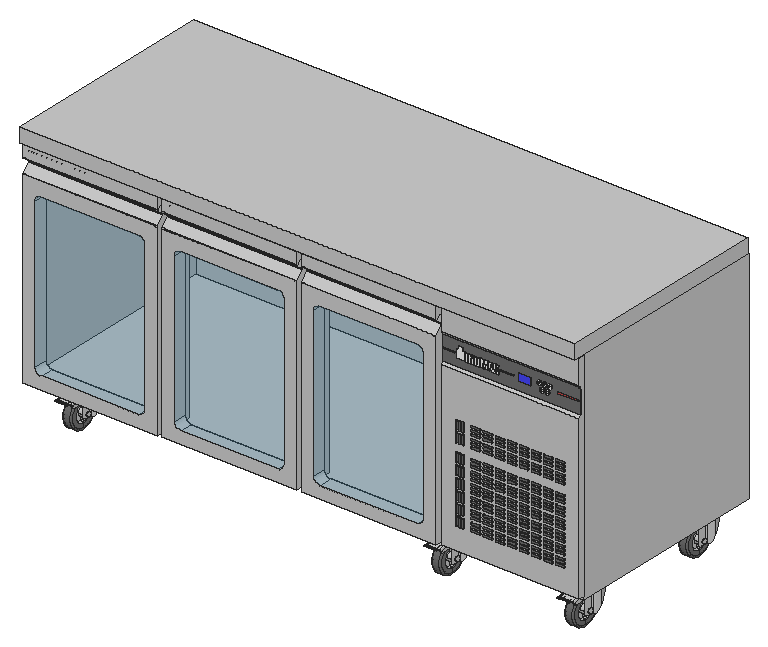
Revit family "QF_INOMAK_PNRP999_GL_250515033133", category Specialty Equipment, Revit 2021 (continued)
Definition of nested family "QF_INOMAK_PNRP999-GL_2920"
  Definition of nested family "QF_INOMAK_CONRTOL-PANEL"
    Forms (mm)
      Extrusion 1, solid
        sketch origin (-2240, -700, 0) x (-1, 0, 0) y (0, 0, 1)
          loop
            line (-1918.4, 204.855) -> (-1894.4, 204.855)
            arc (-1894.4, 204.855) -> (-1891.4, 207.855) -> (-1894.4, 210.855) r 3
            line (-1894.4, 210.855) -> (-1918.4, 210.855)
          loop
            arc (-2191.4, 199.855) -> (-2194.4, 196.855) -> (-2191.4, 193.855) r 3
            line (-2191.4, 193.855) -> (-2167.4, 193.855)
            arc (-2167.4, 193.855) -> (-2164.4, 196.855) -> (-2167.4, 199.855) r 3
            line (-2167.4, 199.855) -> (-2191.4, 199.855)
          loop
            arc (-2152.4, 199.855) -> (-2155.4, 196.855) -> (-2152.4, 193.855) r 3
            line (-2152.4, 193.855) -> (-2128.4, 193.855)
            arc (-2128.4, 193.855) -> (-2125.4, 196.855) -> (-2128.4, 199.855) r 3
            line (-2128.4, 199.855) -> (-2152.4, 199.855)
          loop
            arc (-2113.4, 199.855) -> (-2116.4, 196.855) -> (-2113.4, 193.855) r 3
            line (-2113.4, 193.855) -> (-2089.4, 193.855)
            arc (-2089.4, 193.855) -> (-2086.4, 196.855) -> (-2089.4, 199.855) r 3
            line (-2089.4, 199.855) -> (-2113.4, 199.855)
          loop
            arc (-2074.4, 199.855) -> (-2077.4, 196.855) -> (-2074.4, 193.855) r 3
            line (-2074.4, 193.855) -> (-2050.4, 193.855)
            arc (-2050.4, 193.855) -> (-2047.4, 196.855) -> (-2050.4, 199.855) r 3
            line (-2050.4, 199.855) -> (-2074.4, 199.855)
          loop
            arc (-2035.4, 199.855) -> (-2038.4, 196.855) -> (-2035.4, 193.855) r 3
            line (-2035.4, 193.855) -> (-2011.4, 193.855)
            arc (-2011.4, 193.855) -> (-2008.4, 196.855) -> (-2011.4, 199.855) r 3
            line (-2011.4, 199.855) -> (-2035.4, 199.855)
          loop
            arc (-1996.4, 199.855) -> (-1999.4, 196.855) -> (-1996.4, 193.855) r 3
            line (-1996.4, 193.855) -> (-1972.4, 193.855)
            arc (-1972.4, 193.855) -> (-1969.4, 196.855) -> (-1972.4, 199.855) r 3
            line (-1972.4, 199.855) -> (-1996.4, 199.855)
          loop
            arc (-1957.4, 199.855) -> (-1960.4, 196.855) -> (-1957.4, 193.855) r 3
            line (-1957.4, 193.855) -> (-1933.4, 193.855)
            arc (-1933.4, 193.855) -> (-1930.4, 196.855) -> (-1933.4, 199.855) r 3
            line (-1933.4, 199.855) -> (-1957.4, 199.855)
          loop
            arc (-1918.4, 199.855) -> (-1921.4, 196.855) -> (-1918.4, 193.855) r 3
            line (-1918.4, 193.855) -> (-1894.4, 193.855)
            arc (-1894.4, 193.855) -> (-1891.4, 196.855) -> (-1894.4, 199.855) r 3
            line (-1894.4, 199.855) -> (-1918.4, 199.855)
          loop
            arc (-2191.4, 184.855) -> (-2194.4, 181.855) -> (-2191.4, 178.855) r 3
            line (-2191.4, 178.855) -> (-2167.4, 178.855)
            arc (-2167.4, 178.855) -> (-2164.4, 181.855) -> (-2167.4, 184.855) r 3
            line (-2167.4, 184.855) -> (-2191.4, 184.855)
          loop
            arc (-2152.4, 184.855) -> (-2155.4, 181.855) -> (-2152.4, 178.855) r 3
            line (-2152.4, 178.855) -> (-2128.4, 178.855)
            arc (-2128.4, 178.855) -> (-2125.4, 181.855) -> (-2128.4, 184.855) r 3
            line (-2128.4, 184.855) -> (-2152.4, 184.855)
          loop
            arc (-2113.4, 184.855) -> (-2116.4, 181.855) -> (-2113.4, 178.855) r 3
            line (-2113.4, 178.855) -> (-2089.4, 178.855)
            arc (-2089.4, 178.855) -> (-2086.4, 181.855) -> (-2089.4, 184.855) r 3
            line (-2089.4, 184.855) -> (-2113.4, 184.855)
          loop
            arc (-2074.4, 184.855) -> (-2077.4, 181.855) -> (-2074.4, 178.855) r 3
            line (-2074.4, 178.855) -> (-2050.4, 178.855)
            arc (-2050.4, 178.855) -> (-2047.4, 181.855) -> (-2050.4, 184.855) r 3
            line (-2050.4, 184.855) -> (-2074.4, 184.855)
          loop
            arc (-2035.4, 184.855) -> (-2038.4, 181.855) -> (-2035.4, 178.855) r 3
            line (-2035.4, 178.855) -> (-2011.4, 178.855)
            arc (-2011.4, 178.855) -> (-2008.4, 181.855) -> (-2011.4, 184.855) r 3
            line (-2011.4, 184.855) -> (-2035.4, 184.855)
          loop
            arc (-1996.4, 184.855) -> (-1999.4, 181.855) -> (-1996.4, 178.855) r 3
            line (-1996.4, 178.855) -> (-1972.4, 178.855)
            arc (-1972.4, 178.855) -> (-1969.4, 181.855) -> (-1972.4, 184.855) r 3
            line (-1972.4, 184.855) -> (-1996.4, 184.855)
          loop
            arc (-1957.4, 184.855) -> (-1960.4, 181.855) -> (-1957.4, 178.855) r 3
            line (-1957.4, 178.855) -> (-1933.4, 178.855)
            arc (-1933.4, 178.855) -> (-1930.4, 181.855) -> (-1933.4, 184.855) r 3
            line (-1933.4, 184.855) -> (-1957.4, 184.855)
          loop
            arc (-1918.4, 184.855) -> (-1921.4, 181.855) -> (-1918.4, 178.855) r 3
            line (-1918.4, 178.855) -> (-1894.4, 178.855)
            arc (-1894.4, 178.855) -> (-1891.4, 181.855) -> (-1894.4, 184.855) r 3
            line (-1894.4, 184.855) -> (-1918.4, 184.855)
          loop
            arc (-2191.4, 173.855) -> (-2194.4, 170.855) -> (-2191.4, 167.855) r 3
            line (-2191.4, 167.855) -> (-2167.4, 167.855)
            arc (-2167.4, 167.855) -> (-2164.4, 170.855) -> (-2167.4, 173.855) r 3
            line (-2167.4, 173.855) -> (-2191.4, 173.855)
          loop
            arc (-2152.4, 173.855) -> (-2155.4, 170.855) -> (-2152.4, 167.855) r 3
            line (-2152.4, 167.855) -> (-2128.4, 167.855)
            arc (-2128.4, 167.855) -> (-2125.4, 170.855) -> (-2128.4, 173.855) r 3
            line (-2128.4, 173.855) -> (-2152.4, 173.855)
          loop
            arc (-2113.4, 173.855) -> (-2116.4, 170.855) -> (-2113.4, 167.855) r 3
            line (-2113.4, 167.855) -> (-2089.4, 167.855)
            arc (-2089.4, 167.855) -> (-2086.4, 170.855) -> (-2089.4, 173.855) r 3
            line (-2089.4, 173.855) -> (-2113.4, 173.855)
          loop
            arc (-2074.4, 173.855) -> (-2077.4, 170.855) -> (-2074.4, 167.855) r 3
            line (-2074.4, 167.855) -> (-2050.4, 167.855)
            arc (-2050.4, 167.855) -> (-2047.4, 170.855) -> (-2050.4, 173.855) r 3
            line (-2050.4, 173.855) -> (-2074.4, 173.855)
          loop
            arc (-2035.4, 173.855) -> (-2038.4, 170.855) -> (-2035.4, 167.855) r 3
            line (-2035.4, 167.855) -> (-2011.4, 167.855)
            arc (-2011.4, 167.855) -> (-2008.4, 170.855) -> (-2011.4, 173.855) r 3
            line (-2011.4, 173.855) -> (-2035.4, 173.855)
          loop
            arc (-1996.4, 173.855) -> (-1999.4, 170.855) -> (-1996.4, 167.855) r 3
            line (-1996.4, 167.855) -> (-1972.4, 167.855)
            arc (-1972.4, 167.855) -> (-1969.4, 170.855) -> (-1972.4, 173.855) r 3
            line (-1972.4, 173.855) -> (-1996.4, 173.855)
          loop
            arc (-1957.4, 173.855) -> (-1960.4, 170.855) -> (-1957.4, 167.855) r 3
            line (-1957.4, 167.855) -> (-1933.4, 167.855)
            arc (-1933.4, 167.855) -> (-1930.4, 170.855) -> (-1933.4, 173.855) r 3
            line (-1933.4, 173.855) -> (-1957.4, 173.855)
          loop
            arc (-1918.4, 173.855) -> (-1921.4, 170.855) -> (-1918.4, 167.855) r 3
            line (-1918.4, 167.855) -> (-1894.4, 167.855)
            arc (-1894.4, 167.855) -> (-1891.4, 170.855) -> (-1894.4, 173.855) r 3
            line (-1894.4, 173.855) -> (-1918.4, 173.855)
          loop
            arc (-2191.4, 162.855) -> (-2194.4, 159.855) -> (-2191.4, 156.855) r 3
            line (-2191.4, 156.855) -> (-2167.4, 156.855)
            arc (-2167.4, 156.855) -> (-2164.4, 159.855) -> (-2167.4, 162.855) r 3
            line (-2167.4, 162.855) -> (-2191.4, 162.855)
          loop
            arc (-2152.4, 162.855) -> (-2155.4, 159.855) -> (-2152.4, 156.855) r 3
            line (-2152.4, 156.855) -> (-2128.4, 156.855)
            arc (-2128.4, 156.855) -> (-2125.4, 159.855) -> (-2128.4, 162.855) r 3
            line (-2128.4, 162.855) -> (-2152.4, 162.855)
          loop
            arc (-2113.4, 162.855) -> (-2116.4, 159.855) -> (-2113.4, 156.855) r 3
            line (-2113.4, 156.855) -> (-2089.4, 156.855)
            arc (-2089.4, 156.855) -> (-2086.4, 159.855) -> (-2089.4, 162.855) r 3
            line (-2089.4, 162.855) -> (-2113.4, 162.855)
          loop
            arc (-2074.4, 162.855) -> (-2077.4, 159.855) -> (-2074.4, 156.855) r 3
            line (-2074.4, 156.855) -> (-2050.4, 156.855)
            arc (-2050.4, 156.855) -> (-2047.4, 159.855) -> (-2050.4, 162.855) r 3
            line (-2050.4, 162.855) -> (-2074.4, 162.855)
          loop
            arc (-2035.4, 162.855) -> (-2038.4, 159.855) -> (-2035.4, 156.855) r 3
            line (-2035.4, 156.855) -> (-2011.4, 156.855)
            arc (-2011.4, 156.855) -> (-2008.4, 159.855) -> (-2011.4, 162.855) r 3
            line (-2011.4, 162.855) -> (-2035.4, 162.855)
          loop
            arc (-1996.4, 162.855) -> (-1999.4, 159.855) -> (-1996.4, 156.855) r 3
            line (-1996.4, 156.855) -> (-1972.4, 156.855)
            arc (-1972.4, 156.855) -> (-1969.4, 159.855) -> (-1972.4, 162.855) r 3
            line (-1972.4, 162.855) -> (-1996.4, 162.855)
          loop
            arc (-1957.4, 162.855) -> (-1960.4, 159.855) -> (-1957.4, 156.855) r 3
            line (-1957.4, 156.855) -> (-1933.4, 156.855)
            arc (-1933.4, 156.855) -> (-1930.4, 159.855) -> (-1933.4, 162.855) r 3
            line (-1933.4, 162.855) -> (-1957.4, 162.855)
          loop
            arc (-1918.4, 162.855) -> (-1921.4, 159.855) -> (-1918.4, 156.855) r 3
            line (-1918.4, 156.855) -> (-1894.4, 156.855)
            arc (-1894.4, 156.855) -> (-1891.4, 159.855) -> (-1894.4, 162.855) r 3
            line (-1894.4, 162.855) -> (-1918.4, 162.855)
          loop
            arc (-2191.4, 147.855) -> (-2194.4, 144.855) -> (-2191.4, 141.855) r 3
            line (-2191.4, 141.855) -> (-2167.4, 141.855)
            arc (-2167.4, 141.855) -> (-2164.4, 144.855) -> (-2167.4, 147.855) r 3
            line (-2167.4, 147.855) -> (-2191.4, 147.855)
          loop
            arc (-2152.4, 147.855) -> (-2155.4, 144.855) -> (-2152.4, 141.855) r 3
            line (-2152.4, 141.855) -> (-2128.4, 141.855)
            arc (-2128.4, 141.855) -> (-2125.4, 144.855) -> (-2128.4, 147.855) r 3
            line (-2128.4, 147.855) -> (-2152.4, 147.855)
          loop
            arc (-2113.4, 147.855) -> (-2116.4, 144.855) -> (-2113.4, 141.855) r 3
            line (-2113.4, 141.855) -> (-2089.4, 141.855)
            arc (-2089.4, 141.855) -> (-2086.4, 144.855) -> (-2089.4, 147.855) r 3
            line (-2089.4, 147.855) -> (-2113.4, 147.855)
          loop
            arc (-2074.4, 147.855) -> (-2077.4, 144.855) -> (-2074.4, 141.855) r 3
            line (-2074.4, 141.855) -> (-2050.4, 141.855)
            arc (-2050.4, 141.855) -> (-2047.4, 144.855) -> (-2050.4, 147.855) r 3
            line (-2050.4, 147.855) -> (-2074.4, 147.855)
          loop
            arc (-2035.4, 147.855) -> (-2038.4, 144.855) -> (-2035.4, 141.855) r 3
            line (-2035.4, 141.855) -> (-2011.4, 141.855)
            arc (-2011.4, 141.855) -> (-2008.4, 144.855) -> (-2011.4, 147.855) r 3
            line (-2011.4, 147.855) -> (-2035.4, 147.855)
          loop
            arc (-1996.4, 147.855) -> (-1999.4, 144.855) -> (-1996.4, 141.855) r 3
            line (-1996.4, 141.855) -> (-1972.4, 141.855)
            arc (-1972.4, 141.855) -> (-1969.4, 144.855) -> (-1972.4, 147.855) r 3
            line (-1972.4, 147.855) -> (-1996.4, 147.855)
          loop
            arc (-1957.4, 147.855) -> (-1960.4, 144.855) -> (-1957.4, 141.855) r 3
            line (-1957.4, 141.855) -> (-1933.4, 141.855)
            arc (-1933.4, 141.855) -> (-1930.4, 144.855) -> (-1933.4, 147.855) r 3
            line (-1933.4, 147.855) -> (-1957.4, 147.855)
          loop
            arc (-1918.4, 147.855) -> (-1921.4, 144.855) -> (-1918.4, 141.855) r 3
            line (-1918.4, 141.855) -> (-1894.4, 141.855)
            arc (-1894.4, 141.855) -> (-1891.4, 144.855) -> (-1894.4, 147.855) r 3
            line (-1894.4, 147.855) -> (-1918.4, 147.855)
          loop
            arc (-2191.4, 136.855) -> (-2194.4, 133.855) -> (-2191.4, 130.855) r 3
            line (-2191.4, 130.855) -> (-2167.4, 130.855)
            arc (-2167.4, 130.855) -> (-2164.4, 133.855) -> (-2167.4, 136.855) r 3
            line (-2167.4, 136.855) -> (-2191.4, 136.855)
          loop
            arc (-2152.4, 136.855) -> (-2155.4, 133.855) -> (-2152.4, 130.855) r 3
            line (-2152.4, 130.855) -> (-2128.4, 130.855)
            arc (-2128.4, 130.855) -> (-2125.4, 133.855) -> (-2128.4, 136.855) r 3
            line (-2128.4, 136.855) -> (-2152.4, 136.855)
          loop
            arc (-2113.4, 136.855) -> (-2116.4, 133.855) -> (-2113.4, 130.855) r 3
            line (-2113.4, 130.855) -> (-2089.4, 130.855)
            arc (-2089.4, 130.855) -> (-2086.4, 133.855) -> (-2089.4, 136.855) r 3
            line (-2089.4, 136.855) -> (-2113.4, 136.855)
          loop
            arc (-2074.4, 136.855) -> (-2077.4, 133.855) -> (-2074.4, 130.855) r 3
            line (-2074.4, 130.855) -> (-2050.4, 130.855)
            arc (-2050.4, 130.855) -> (-2047.4, 133.855) -> (-2050.4, 136.855) r 3
            line (-2050.4, 136.855) -> (-2074.4, 136.855)
          loop
            arc (-2035.4, 136.855) -> (-2038.4, 133.855) -> (-2035.4, 130.855) r 3
            line (-2035.4, 130.855) -> (-2011.4, 130.855)
            arc (-2011.4, 130.855) -> (-2008.4, 133.855) -> (-2011.4, 136.855) r 3
            line (-2011.4, 136.855) -> (-2035.4, 136.855)
          loop
            arc (-1996.4, 136.855) -> (-1999.4, 133.855) -> (-1996.4, 130.855) r 3
            line (-1996.4, 130.855) -> (-1972.4, 130.855)
            arc (-1972.4, 130.855) -> (-1969.4, 133.855) -> (-1972.4, 136.855) r 3
            line (-1972.4, 136.855) -> (-1996.4, 136.855)
          loop
            arc (-1957.4, 136.855) -> (-1960.4, 133.855) -> (-1957.4, 130.855) r 3
            line (-1957.4, 130.855) -> (-1933.4, 130.855)
            arc (-1933.4, 130.855) -> (-1930.4, 133.855) -> (-1933.4, 136.855) r 3
            line (-1933.4, 136.855) -> (-1957.4, 136.855)
          loop
            arc (-1918.4, 136.855) -> (-1921.4, 133.855) -> (-1918.4, 130.855) r 3
            line (-1918.4, 130.855) -> (-1894.4, 130.855)
            arc (-1894.4, 130.855) -> (-1891.4, 133.855) -> (-1894.4, 136.855) r 3
            line (-1894.4, 136.855) -> (-1918.4, 136.855)
          loop
            arc (-2191.4, 125.855) -> (-2194.4, 122.855) -> (-2191.4, 119.855) r 3
            line (-2191.4, 119.855) -> (-2167.4, 119.855)
            arc (-2167.4, 119.855) -> (-2164.4, 122.855) -> (-2167.4, 125.855) r 3
            line (-2167.4, 125.855) -> (-2191.4, 125.855)
          loop
            arc (-2152.4, 125.855) -> (-2155.4, 122.855) -> (-2152.4, 119.855) r 3
            line (-2152.4, 119.855) -> (-2128.4, 119.855)
            arc (-2128.4, 119.855) -> (-2125.4, 122.855) -> (-2128.4, 125.855) r 3
            line (-2128.4, 125.855) -> (-2152.4, 125.855)
          loop
            arc (-2113.4, 125.855) -> (-2116.4, 122.855) -> (-2113.4, 119.855) r 3
            line (-2113.4, 119.855) -> (-2089.4, 119.855)
            arc (-2089.4, 119.855) -> (-2086.4, 122.855) -> (-2089.4, 125.855) r 3
            line (-2089.4, 125.855) -> (-2113.4, 125.855)
          loop
            arc (-2074.4, 125.855) -> (-2077.4, 122.855) -> (-2074.4, 119.855) r 3
            line (-2074.4, 119.855) -> (-2050.4, 119.855)
            arc (-2050.4, 119.855) -> (-2047.4, 122.855) -> (-2050.4, 125.855) r 3
            line (-2050.4, 125.855) -> (-2074.4, 125.855)
          loop
            arc (-2035.4, 125.855) -> (-2038.4, 122.855) -> (-2035.4, 119.855) r 3
            line (-2035.4, 119.855) -> (-2011.4, 119.855)
            arc (-2011.4, 119.855) -> (-2008.4, 122.855) -> (-2011.4, 125.855) r 3
            line (-2011.4, 125.855) -> (-2035.4, 125.855)
          loop
            arc (-1996.4, 125.855) -> (-1999.4, 122.855) -> (-1996.4, 119.855) r 3
            line (-1996.4, 119.855) -> (-1972.4, 119.855)
            arc (-1972.4, 119.855) -> (-1969.4, 122.855) -> (-1972.4, 125.855) r 3
            line (-1972.4, 125.855) -> (-1996.4, 125.855)
          loop
            arc (-1957.4, 125.855) -> (-1960.4, 122.855) -> (-1957.4, 119.855) r 3
            line (-1957.4, 119.855) -> (-1933.4, 119.855)
            arc (-1933.4, 119.855) -> (-1930.4, 122.855) -> (-1933.4, 125.855) r 3
            line (-1933.4, 125.855) -> (-1957.4, 125.855)
          loop
            arc (-1918.4, 125.855) -> (-1921.4, 122.855) -> (-1918.4, 119.855) r 3
            line (-1918.4, 119.855) -> (-1894.4, 119.855)
            arc (-1894.4, 119.855) -> (-1891.4, 122.855) -> (-1894.4, 125.855) r 3
            line (-1894.4, 125.855) -> (-1918.4, 125.855)
          loop
            arc (-2191.4, 110.855) -> (-2194.4, 107.855) -> (-2191.4, 104.855) r 3
            line (-2191.4, 104.855) -> (-2167.4, 104.855)
            arc (-2167.4, 104.855) -> (-2164.4, 107.855) -> (-2167.4, 110.855) r 3
            line (-2167.4, 110.855) -> (-2191.4, 110.855)
          loop
            arc (-2152.4, 110.855) -> (-2155.4, 107.855) -> (-2152.4, 104.855) r 3
            line (-2152.4, 104.855) -> (-2128.4, 104.855)
            arc (-2128.4, 104.855) -> (-2125.4, 107.855) -> (-2128.4, 110.855) r 3
            line (-2128.4, 110.855) -> (-2152.4, 110.855)
          loop
            arc (-2113.4, 110.855) -> (-2116.4, 107.855) -> (-2113.4, 104.855) r 3
            line (-2113.4, 104.855) -> (-2089.4, 104.855)
            arc (-2089.4, 104.855) -> (-2086.4, 107.855) -> (-2089.4, 110.855) r 3
            line (-2089.4, 110.855) -> (-2113.4, 110.855)
          loop
            arc (-2074.4, 110.855) -> (-2077.4, 107.855) -> (-2074.4, 104.855) r 3
            line (-2074.4, 104.855) -> (-2050.4, 104.855)
            arc (-2050.4, 104.855) -> (-2047.4, 107.855) -> (-2050.4, 110.855) r 3
            line (-2050.4, 110.855) -> (-2074.4, 110.855)
          loop
            arc (-2035.4, 110.855) -> (-2038.4, 107.855) -> (-2035.4, 104.855) r 3
            line (-2035.4, 104.855) -> (-2011.4, 104.855)
            arc (-2011.4, 104.855) -> (-2008.4, 107.855) -> (-2011.4, 110.855) r 3
            line (-2011.4, 110.855) -> (-2035.4, 110.855)
          loop
            arc (-1996.4, 110.855) -> (-1999.4, 107.855) -> (-1996.4, 104.855) r 3
            line (-1996.4, 104.855) -> (-1972.4, 104.855)
            arc (-1972.4, 104.855) -> (-1969.4, 107.855) -> (-1972.4, 110.855) r 3
            line (-1972.4, 110.855) -> (-1996.4, 110.855)
          loop
            arc (-1957.4, 110.855) -> (-1960.4, 107.855) -> (-1957.4, 104.855) r 3
            line (-1957.4, 104.855) -> (-1933.4, 104.855)
            arc (-1933.4, 104.855) -> (-1930.4, 107.855) -> (-1933.4, 110.855) r 3
            line (-1933.4, 110.855) -> (-1957.4, 110.855)
          loop
            arc (-1918.4, 110.855) -> (-1921.4, 107.855) -> (-1918.4, 104.855) r 3
            line (-1918.4, 104.855) -> (-1894.4, 104.855)
            arc (-1894.4, 104.855) -> (-1891.4, 107.855) -> (-1894.4, 110.855) r 3
            line (-1894.4, 110.855) -> (-1918.4, 110.855)
          loop
            arc (-2191.4, 99.855) -> (-2194.4, 96.855) -> (-2191.4, 93.855) r 3
            line (-2191.4, 93.855) -> (-2167.4, 93.855)
            arc (-2167.4, 93.855) -> (-2164.4, 96.855) -> (-2167.4, 99.855) r 3
            line (-2167.4, 99.855) -> (-2191.4, 99.855)
          loop
            arc (-2152.4, 99.855) -> (-2155.4, 96.855) -> (-2152.4, 93.855) r 3
            line (-2152.4, 93.855) -> (-2128.4, 93.855)
            arc (-2128.4, 93.855) -> (-2125.4, 96.855) -> (-2128.4, 99.855) r 3
            line (-2128.4, 99.855) -> (-2152.4, 99.855)
          loop
            arc (-2113.4, 99.855) -> (-2116.4, 96.855) -> (-2113.4, 93.855) r 3
            line (-2113.4, 93.855) -> (-2089.4, 93.855)
            arc (-2089.4, 93.855) -> (-2086.4, 96.855) -> (-2089.4, 99.855) r 3
            line (-2089.4, 99.855) -> (-2113.4, 99.855)
          loop
            arc (-2074.4, 99.855) -> (-2077.4, 96.855) -> (-2074.4, 93.855) r 3
            line (-2074.4, 93.855) -> (-2050.4, 93.855)
            arc (-2050.4, 93.855) -> (-2047.4, 96.855) -> (-2050.4, 99.855) r 3
            line (-2050.4, 99.855) -> (-2074.4, 99.855)
          loop
            arc (-2035.4, 99.855) -> (-2038.4, 96.855) -> (-2035.4, 93.855) r 3
            line (-2035.4, 93.855) -> (-2011.4, 93.855)
            arc (-2011.4, 93.855) -> (-2008.4, 96.855) -> (-2011.4, 99.855) r 3
            line (-2011.4, 99.855) -> (-2035.4, 99.855)
          loop
            arc (-1996.4, 99.855) -> (-1999.4, 96.855) -> (-1996.4, 93.855) r 3
            line (-1996.4, 93.855) -> (-1972.4, 93.855)
            arc (-1972.4, 93.855) -> (-1969.4, 96.855) -> (-1972.4, 99.855) r 3
            line (-1972.4, 99.855) -> (-1996.4, 99.855)
          loop
            arc (-1957.4, 99.855) -> (-1960.4, 96.855) -> (-1957.4, 93.855) r 3
            line (-1957.4, 93.855) -> (-1933.4, 93.855)
            arc (-1933.4, 93.855) -> (-1930.4, 96.855) -> (-1933.4, 99.855) r 3
            line (-1933.4, 99.855) -> (-1957.4, 99.855)
          loop
            arc (-1918.4, 99.855) -> (-1921.4, 96.855) -> (-1918.4, 93.855) r 3
            line (-1918.4, 93.855) -> (-1894.4, 93.855)
            arc (-1894.4, 93.855) -> (-1891.4, 96.855) -> (-1894.4, 99.855) r 3
            line (-1894.4, 99.855) -> (-1918.4, 99.855)
          loop
            arc (-2191.4, 88.855) -> (-2194.4, 85.855) -> (-2191.4, 82.855) r 3
            line (-2191.4, 82.855) -> (-2167.4, 82.855)
            arc (-2167.4, 82.855) -> (-2164.4, 85.855) -> (-2167.4, 88.855) r 3
            line (-2167.4, 88.855) -> (-2191.4, 88.855)
          loop
            arc (-2152.4, 88.855) -> (-2155.4, 85.855) -> (-2152.4, 82.855) r 3
            line (-2152.4, 82.855) -> (-2128.4, 82.855)
            arc (-2128.4, 82.855) -> (-2125.4, 85.855) -> (-2128.4, 88.855) r 3
            line (-2128.4, 88.855) -> (-2152.4, 88.855)
          loop
            arc (-2113.4, 88.855) -> (-2116.4, 85.855) -> (-2113.4, 82.855) r 3
            line (-2113.4, 82.855) -> (-2089.4, 82.855)
            arc (-2089.4, 82.855) -> (-2086.4, 85.855) -> (-2089.4, 88.855) r 3
            line (-2089.4, 88.855) -> (-2113.4, 88.855)
          loop
            arc (-2074.4, 88.855) -> (-2077.4, 85.855) -> (-2074.4, 82.855) r 3
            line (-2074.4, 82.855) -> (-2050.4, 82.855)
            arc (-2050.4, 82.855) -> (-2047.4, 85.855) -> (-2050.4, 88.855) r 3
            line (-2050.4, 88.855) -> (-2074.4, 88.855)
          loop
            arc (-2035.4, 88.855) -> (-2038.4, 85.855) -> (-2035.4, 82.855) r 3
            line (-2035.4, 82.855) -> (-2011.4, 82.855)
            arc (-2011.4, 82.855) -> (-2008.4, 85.855) -> (-2011.4, 88.855) r 3
            line (-2011.4, 88.855) -> (-2035.4, 88.855)
          loop
            arc (-1996.4, 88.855) -> (-1999.4, 85.855) -> (-1996.4, 82.855) r 3
            line (-1996.4, 82.855) -> (-1972.4, 82.855)
            arc (-1972.4, 82.855) -> (-1969.4, 85.855) -> (-1972.4, 88.855) r 3
            line (-1972.4, 88.855) -> (-1996.4, 88.855)
          loop
            arc (-1957.4, 88.855) -> (-1960.4, 85.855) -> (-1957.4, 82.855) r 3
            line (-1957.4, 82.855) -> (-1933.4, 82.855)
            arc (-1933.4, 82.855) -> (-1930.4, 85.855) -> (-1933.4, 88.855) r 3
            line (-1933.4, 88.855) -> (-1957.4, 88.855)
          loop
            arc (-1918.4, 88.855) -> (-1921.4, 85.855) -> (-1918.4, 82.855) r 3
            line (-1918.4, 82.855) -> (-1894.4, 82.855)
            arc (-1894.4, 82.855) -> (-1891.4, 85.855) -> (-1894.4, 88.855) r 3
            line (-1894.4, 88.855) -> (-1918.4, 88.855)
          loop
            arc (-1840.4, 387.855) -> (-1843.4, 390.855) -> (-1846.4, 387.855) r 3
            line (-1846.4, 387.855) -> (-1846.4, 363.855)
            arc (-1846.4, 363.855) -> (-1843.4, 360.855) -> (-1840.4, 363.855) r 3
            line (-1840.4, 363.855) -> (-1840.4, 387.855)
          loop
            arc (-1851.4, 387.855) -> (-1854.4, 390.855) -> (-1857.4, 387.855) r 3
            line (-1857.4, 387.855) -> (-1857.4, 363.855)
            arc (-1857.4, 363.855) -> (-1854.4, 360.855) -> (-1851.4, 363.855) r 3
            line (-1851.4, 363.855) -> (-1851.4, 387.855)
          loop
            arc (-1862.4, 387.855) -> (-1865.4, 390.855) -> (-1868.4, 387.855) r 3
            line (-1868.4, 387.855) -> (-1868.4, 363.855)
            arc (-1868.4, 363.855) -> (-1865.4, 360.855) -> (-1862.4, 363.855) r 3
            line (-1862.4, 363.855) -> (-1862.4, 387.855)
          loop
            arc (-1840.4, 350.855) -> (-1843.4, 353.855) -> (-1846.4, 350.855) r 3
            line (-1846.4, 350.855) -> (-1846.4, 326.855)
            arc (-1846.4, 326.855) -> (-1843.4, 323.855) -> (-1840.4, 326.855) r 3
            line (-1840.4, 326.855) -> (-1840.4, 350.855)
          loop
            arc (-1851.4, 350.855) -> (-1854.4, 353.855) -> (-1857.4, 350.855) r 3
            line (-1857.4, 350.855) -> (-1857.4, 326.855)
            arc (-1857.4, 326.855) -> (-1854.4, 323.855) -> (-1851.4, 326.855) r 3
            line (-1851.4, 326.855) -> (-1851.4, 350.855)
          loop
            arc (-1862.4, 350.855) -> (-1865.4, 353.855) -> (-1868.4, 350.855) r 3
            line (-1868.4, 350.855) -> (-1868.4, 326.855)
            arc (-1868.4, 326.855) -> (-1865.4, 323.855) -> (-1862.4, 326.855) r 3
            line (-1862.4, 326.855) -> (-1862.4, 350.855)
          loop
            arc (-1840.4, 293.855) -> (-1843.4, 296.855) -> (-1846.4, 293.855) r 3
            line (-1846.4, 293.855) -> (-1846.4, 269.855)
            arc (-1846.4, 269.855) -> (-1843.4, 266.855) -> (-1840.4, 269.855) r 3
            line (-1840.4, 269.855) -> (-1840.4, 293.855)
          loop
            arc (-1851.4, 293.855) -> (-1854.4, 296.855) -> (-1857.4, 293.855) r 3
            line (-1857.4, 293.855) -> (-1857.4, 269.855)
            arc (-1857.4, 269.855) -> (-1854.4, 266.855) -> (-1851.4, 269.855) r 3
            line (-1851.4, 269.855) -> (-1851.4, 293.855)
          loop
            arc (-1862.4, 293.855) -> (-1865.4, 296.855) -> (-1868.4, 293.855) r 3
            line (-1868.4, 293.855) -> (-1868.4, 269.855)
            arc (-1868.4, 269.855) -> (-1865.4, 266.855) -> (-1862.4, 269.855) r 3
            line (-1862.4, 269.855) -> (-1862.4, 293.855)
          loop
            arc (-1840.4, 256.855) -> (-1843.4, 259.855) -> (-1846.4, 256.855) r 3
            line (-1846.4, 256.855) -> (-1846.4, 232.855)
            arc (-1846.4, 232.855) -> (-1843.4, 229.855) -> (-1840.4, 232.855) r 3
            line (-1840.4, 232.855) -> (-1840.4, 256.855)
          loop
            arc (-1851.4, 256.855) -> (-1854.4, 259.855) -> (-1857.4, 256.855) r 3
            line (-1857.4, 256.855) -> (-1857.4, 232.855)
            arc (-1857.4, 232.855) -> (-1854.4, 229.855) -> (-1851.4, 232.855) r 3
            line (-1851.4, 232.855) -> (-1851.4, 256.855)
          loop
            arc (-1862.4, 256.855) -> (-1865.4, 259.855) -> (-1868.4, 256.855) r 3
            line (-1868.4, 256.855) -> (-1868.4, 232.855)
            arc (-1868.4, 232.855) -> (-1865.4, 229.855) -> (-1862.4, 232.855) r 3
            line (-1862.4, 232.855) -> (-1862.4, 256.855)
          loop
            arc (-1840.4, 219.855) -> (-1843.4, 222.855) -> (-1846.4, 219.855) r 3
            line (-1846.4, 219.855) -> (-1846.4, 195.855)
            arc (-1846.4, 195.855) -> (-1843.4, 192.855) -> (-1840.4, 195.855) r 3
            line (-1840.4, 195.855) -> (-1840.4, 219.855)
          loop
            arc (-1851.4, 219.855) -> (-1854.4, 222.855) -> (-1857.4, 219.855) r 3
            line (-1857.4, 219.855) -> (-1857.4, 195.855)
            arc (-1857.4, 195.855) -> (-1854.4, 192.855) -> (-1851.4, 195.855) r 3
            line (-1851.4, 195.855) -> (-1851.4, 219.855)
          loop
            arc (-1862.4, 219.855) -> (-1865.4, 222.855) -> (-1868.4, 219.855) r 3
            line (-1868.4, 219.855) -> (-1868.4, 195.855)
            arc (-1868.4, 195.855) -> (-1865.4, 192.855) -> (-1862.4, 195.855) r 3
            line (-1862.4, 195.855) -> (-1862.4, 219.855)
          loop
            arc (-1840.4, 182.855) -> (-1843.4, 185.855) -> (-1846.4, 182.855) r 3
            line (-1846.4, 182.855) -> (-1846.4, 158.855)
            arc (-1846.4, 158.855) -> (-1843.4, 155.855) -> (-1840.4, 158.855) r 3
            line (-1840.4, 158.855) -> (-1840.4, 182.855)
          loop
            arc (-1851.4, 182.855) -> (-1854.4, 185.855) -> (-1857.4, 182.855) r 3
            line (-1857.4, 182.855) -> (-1857.4, 158.855)
            arc (-1857.4, 158.855) -> (-1854.4, 155.855) -> (-1851.4, 158.855) r 3
            line (-1851.4, 158.855) -> (-1851.4, 182.855)
          loop
            arc (-1862.4, 182.855) -> (-1865.4, 185.855) -> (-1868.4, 182.855) r 3
            line (-1868.4, 182.855) -> (-1868.4, 158.855)
            arc (-1868.4, 158.855) -> (-1865.4, 155.855) -> (-1862.4, 158.855) r 3
            line (-1862.4, 158.855) -> (-1862.4, 182.855)
          loop
            arc (-1840.4, 145.855) -> (-1843.4, 148.855) -> (-1846.4, 145.855) r 3
            line (-1846.4, 145.855) -> (-1846.4, 121.855)
            arc (-1846.4, 121.855) -> (-1843.4, 118.855) -> (-1840.4, 121.855) r 3
            line (-1840.4, 121.855) -> (-1840.4, 145.855)
          loop
            arc (-1851.4, 145.855) -> (-1854.4, 148.855) -> (-1857.4, 145.855) r 3
            line (-1857.4, 145.855) -> (-1857.4, 121.855)
            arc (-1857.4, 121.855) -> (-1854.4, 118.855) -> (-1851.4, 121.855) r 3
            line (-1851.4, 121.855) -> (-1851.4, 145.855)
          loop
            arc (-1862.4, 145.855) -> (-1865.4, 148.855) -> (-1868.4, 145.855) r 3
            line (-1868.4, 145.855) -> (-1868.4, 121.855)
            arc (-1868.4, 121.855) -> (-1865.4, 118.855) -> (-1862.4, 121.855) r 3
            line (-1862.4, 121.855) -> (-1862.4, 145.855)
          loop
            arc (-1840.4, 108.855) -> (-1843.4, 111.855) -> (-1846.4, 108.855) r 3
            line (-1846.4, 108.855) -> (-1846.4, 84.855)
            arc (-1846.4, 84.855) -> (-1843.4, 81.855) -> (-1840.4, 84.855) r 3
            line (-1840.4, 84.855) -> (-1840.4, 108.855)
          loop
            arc (-1851.4, 108.855) -> (-1854.4, 111.855) -> (-1857.4, 108.855) r 3
            line (-1857.4, 108.855) -> (-1857.4, 84.855)
            arc (-1857.4, 84.855) -> (-1854.4, 81.855) -> (-1851.4, 84.855) r 3
            line (-1851.4, 84.855) -> (-1851.4, 108.855)
          loop
            arc (-1862.4, 108.855) -> (-1865.4, 111.855) -> (-1868.4, 108.855) r 3
            line (-1868.4, 108.855) -> (-1868.4, 84.855)
            arc (-1868.4, 84.855) -> (-1865.4, 81.855) -> (-1862.4, 84.855) r 3
            line (-1862.4, 84.855) -> (-1862.4, 108.855)
        from 16.5 to 19
    Dimensions and locks
      "Length": plane 3 "Left" to plane 4 "Right"
      "Depth": plane 5 "Front" to plane 1 "Back"
      "Front offset": plane 7 "Front offset" to plane 5 "Front"
      "Height": plane 6 "Top" to plane 2
      aligned and locked: level to plane 2
    Automatic sketch dimensions
      plane 4 "Right" to Extrusion 1 sketch curve = 48.6 mm  (x3)
      Extrusion 1 sketch curve to Extrusion 1 sketch curve = 0 mm  (x322)
      Extrusion 1 sketch curve to Extrusion 1 sketch curve = 24 mm  (x53)
      Extrusion 1 sketch curve to Extrusion 1 sketch curve = 15 mm  (x52)
      Extrusion 1 sketch curve to Extrusion 1 sketch curve = 26 mm  (x7)
      Extrusion 1 sketch curve to Extrusion 1 sketch curve = 3 mm  (x216)
      Extrusion 1 sketch curve to Extrusion 1 sketch curve = 5 mm  (x144)
      level to Extrusion 1 sketch curve = 82.855 mm  (x2)
      Extrusion 1 sketch curve to Extrusion 1 sketch curve = 2 mm
      Extrusion 1 sketch curve to Extrusion 1 sketch curve = 9 mm  (x48)
      Extrusion 1 sketch curve to Extrusion 1 sketch curve = 13 mm  (x9)
      Extrusion 1 sketch curve to Extrusion 1 sketch curve = 29 mm  (x6)
      Extrusion 1 sketch curve to Extrusion 1 sketch curve = 33 mm
Definition of nested family "QF_INOMAK_REF_COUNTERS_WORKTOPS_7219"
  Parameters (values of type "WTWA-1545-700")
    Worktop without backsplash [instance] = Worktop type = 3  # no
    Worktop with backsplash [instance] = Worktop type = 2  # yes
    Worktop type [instance] = 2
    Worktop thickness [instance] = 46 mm
    Without worktop [instance] = or(Worktop type > 3, Worktop type < 2)  # no
    Weight [instance] = 0.00 kg
    Warranty Start Date [instance] = ""
    Warranty Duration [instance] = ""
    URL Cutsheet [instance] = ""
    URL = "www.inomak.com"
    Technical Documentation [instance] = ""
    Tag Number [instance] = ""
    Status [instance] = ""
    Specification by User [instance] = ""
    Specification by Manufacturer [instance] = ""
    Sound Level [instance] = ""
    Solid Fuel Type [instance] = ""
    Show Logo [instance] = yes
    Show Clearances [instance] = yes
    Service Life Duration [instance] = ""
    Serial Number [instance] = ""
    Seismic Rating [instance] = ""
    SMACNA No [instance] = ""
    Revision Code [instance] = ""
    Revision [instance] = ""
    Production Year [instance] = ""
    Point Load [instance] = 0
    Other Equipment Approvals [instance] = ""
    NAFEM Spec ID Number [instance] = ""
    Model Warning [instance] = ""
    Model = "WTWA"
    Masterspec [instance] = ""
    Manufacturer = "INOMAK"
    Length Actual [instance] = 1546 mm
    Item Number [instance] = ""
    Installed By [instance] = ""
    Installation Date [instance] = ""
    Identify Quantity as Lot [instance] = yes
    ID [instance] = ""
    Hygiene Approval [instance] = ""
    Height Actual [instance] = 0 mm
    Height AFF [instance] = 0 mm
    Furnished By [instance] = ""
    Foodservice Equipment Identifier [instance] = yes
    Finish [instance] = none
    ETL Approved [instance] = yes
    Description = "WORKTOP WITH UPSTAND"
    Depth Actual [instance] = 700 mm
    Default Elevation = 0 mm
    CSI MasterFormat [instance] = ""
    CE Approved [instance] = yes
    Barcode [instance] = ""
    Backsplash thickness [instance] = 20 mm
    Backsplash height [instance] = 60 mm
    Author [instance] = ""
    Asset Identifier [instance] = ""
    Assembly Code = "E1090320"
    Accessory [instance] = yes
  Types (40, lengths in mm): name | Worktop without backsplash | Worktop with backsplash | Worktop type | Worktop thickness | Without worktop | Model | Length Actual | Description | Depth Actual
    WTWT-2240-700 | yes | no | 3 | 46 | no | "WTWT" | 2242 | "STANDARD WORKTOP" | 700
    WTWA-2240-700 | no | yes | 2 | 46 | no | "WTWA" | 2242 | "WORKTOP WITH UPSTAND" | 700
    WOWT-2240-700 | no | no | 1 | 46 | yes | "WOWT" | 2242 | "WITHOUT WORKTOP" | 700
    WTWA-1790-700 | no | yes | 2 | 46 | no | "WTWA" | 1792 | "WORKTOP WITH UPSTAND" | 700
    WTWA-1345-700 | no | yes | 2 | 46 | no | "WTWA" | 1342 | "WORKTOP WITH UPSTAND" | 700
    WOWT-1790-700 | no | no | 1 | 46 | yes | "WOWT" | 1792 | "WITHOUT WORKTOP" | 700
    WOWT-1345-700 | no | no | 1 | 46 | yes | "WOWT" | 1342 | "WITHOUT WORKTOP" | 700
    WTWT-1790-700 | yes | no | 3 | 46 | no | "WTWT" | 1792 | "STANDARD WORKTOP" | 700
    WTWT-1345-700 | yes | no | 3 | 46 | no | "WTWT" | 1342 | "STANDARD WORKTOP" | 700
    WTWA-1080-700 | no | yes | 2 | 46 | no | "WTWA" | 1080 | "WORKTOP WITH UPSTAND" | 700
    WTWT-1080-700 | yes | no | 3 | 46 | no | "WTWT" | 1080 | "STANDARD WORKTOP" | 700
    WTWA-1080-700-80 | no | yes | 2 | 80 | no | "WTWA-80" | 1080 | "WORKTOP WITH UPSTAND, 80CM DEEP WORKTOP" | 700
    WTWT-1080-700-80 | yes | no | 3 | 80 | no | "WTWT-80" | 1080 | "WORKTOP WITH 80CM DEEP" | 700
    WOWT-1345-600 | no | no | 1 | 46 | yes | "WOWT" | 1342 | "WITHOUT WORKTOP" | 600
    WOWT-1790-600 | no | no | 1 | 46 | yes | "WOWT" | 1792 | "WITHOUT WORKTOP" | 600
    WOWT-2240-600 | no | no | 1 | 46 | yes | "WOWT" | 2242 | "WITHOUT WORKTOP" | 600
    WTWA-1345-600 | no | yes | 2 | 46 | no | "WTWA" | 1342 | "WORKTOP WITH UPSTAND" | 600
    WTWA-1790-600 | no | yes | 2 | 46 | no | "WTWA" | 1792 | "WORKTOP WITH UPSTAND" | 600
    WTWA-2240-600 | no | yes | 2 | 46 | no | "WTWA" | 2242 | "WORKTOP WITH UPSTAND" | 600
    WTWT-1345-600 | yes | no | 3 | 46 | no | "WTWT" | 1342 | "STANDARD WORKTOP" | 600
    WTWT-1790-600 | yes | no | 3 | 46 | no | "WTWT" | 1792 | "STANDARD WORKTOP" | 600
    WTWT-2240-600 | yes | no | 3 | 46 | no | "WTWT" | 2242 | "STANDARD WORKTOP" | 600
    WOWT-1105-700 | no | no | 1 | 46 | yes | "WOWT" | 1103 | "WITHOUT WORKTOP" | 700
    WTWA-1105-700 | no | yes | 2 | 46 | no | "WTWA" | 1103 | "WORKTOP WITH UPSTAND" | 700
    WTWT-1105-700 | yes | no | 3 | 46 | no | "WTWT" | 1103 | "STANDARD WORKTOP" | 700
    WOWT-1545-700 | no | no | 1 | 46 | yes | "WOWT" | 1546 | "WITHOUT WORKTOP" | 700
    WOWT-1995-700 | no | no | 1 | 46 | yes | "WOWT" | 1996 | "WITHOUT WORKTOP" | 700
    WTWA-1545-700 | no | yes | 2 | 46 | no | "WTWA" | 1546 | "WORKTOP WITH UPSTAND" | 700
    WTWA-1995-700 | no | yes | 2 | 46 | no | "WTWA" | 1996 | "WORKTOP WITH UPSTAND" | 700
    WTWT-1545-700 | yes | no | 3 | 46 | no | "WTWT" | 1546 | "STANDARD WORKTOP" | 700
    WTWT-1995-700 | yes | no | 3 | 46 | no | "WTWT" | 1996 | "STANDARD WORKTOP" | 700
    WTWA-1105-600 | no | yes | 2 | 46 | no | "WTWA" | 1103 | "WORKTOP WITH UPSTAND" | 600
    WTWT-1105-600 | yes | no | 3 | 46 | no | "WTWT" | 1103 | "STANDARD WORKTOP" | 600
    WOWT-1105-600 | no | no | 1 | 46 | yes | "WOWT" | 1103 | "WITHOUT WORKTOP" | 600
    WOWT-1545-600 | no | no | 1 | 46 | yes | "WOWT" | 1546 | "WITHOUT WORKTOP" | 600
    WTWA-1545-600 | no | yes | 2 | 46 | no | "WTWA" | 1546 | "WORKTOP WITH UPSTAND" | 600
    WTWT-1545-600 | yes | no | 3 | 46 | no | "WTWT" | 1546 | "STANDARD WORKTOP" | 600
    WTWT-1995-600 | yes | no | 3 | 46 | no | "WTWT" | 1996 | "STANDARD WORKTOP" | 600
    WTWA-1995-600 | no | yes | 2 | 46 | no | "WTWA" | 1996 | "WORKTOP WITH UPSTAND" | 600
    WOWT-1995-600 | no | no | 1 | 46 | yes | "WOWT" | 1996 | "WITHOUT WORKTOP" | 600
  Reference planes
    plane 1 "Back": y = 0
    plane 2: z = 0
    plane 3 "Left": x = 0
    plane 4 "Right": x = 1546
    plane 5 "Front": y = -700
    plane 6 "Top": z = 46
    plane 7 "Backsplash thickness": y = -20
    plane 8 "Worktop bottom": z = 0
    plane 9 "Upright height": z = 106
    plane 10 "Center Left Right": x = 773
  Lines and regions (mm)
    reference lines
      curve 1: line (773, 0, 106) -> (773, -20, 106)
      curve 2: line (0, -700, 46) -> (1546, -700, 46)
      curve 3: line (1546, -700, 46) -> (1546, 0, 46)
      curve 4: line (0, -700, 46) -> (0, 0, 46)
      curve 5: line (0, 0, 46) -> (1546, 0, 46)
      curve 6: line (773, 0, 0) -> (773, -700, 0)
  Dimensions and locks
    "Length Actual": plane 3 "Left" to plane 4 "Right"
    "Depth Actual": plane 5 "Front" to plane 1 "Back"
    "Backsplash thickness": plane 7 "Backsplash thickness" to plane 1 "Back"
    "Worktop thickness": plane 6 "Top" to plane 8 "Worktop bottom"
    "Backsplash height": plane 9 "Upright height" to plane 6 "Top"
    "Backsplash height": curve 1 to plane 6 "Top"
    "Depth Actual": curve 2 to plane 1 "Back"
    "Length Actual": plane 3 "Left" to curve 3
    "Length Actual": curve 4 to plane 4 "Right"
    "Depth Actual": curve 5 to plane 5 "Front"
    equal spacing: plane 3 "Left", plane 10 "Center Left Right", plane 4 "Right"
    "Height AFF": plane 8 "Worktop bottom" to plane 2
    "Height AFF": curve 6 to plane 2
    aligned and locked: level to plane 2
    aligned and locked: plane 3 "Left" to nested 1
    aligned and locked: plane 1 "Back" to nested 1
  Automatic sketch dimensions
    curve 6 to plane 1 "Back" = 0 mm
    curve 1 to plane 1 "Back" = 0 mm
    curve 1 to plane 7 "Backsplash thickness" = 0 mm
    curve 6 to plane 5 "Front" = 0 mm
  Nested families
    nested 1: "Worktop" at (0, 0, 0), Length Actual <- "Length Actual", Depth Actual <- "Depth Actual", Height AFF <- "Height AFF", Worktop thickness <- "Worktop thickness", Backsplash thickness <- "Backsplash thickness", Backsplash height <- "Backsplash height", type "without backsplash"
      with Worktop thickness 46 mm, Length Actual 1546 mm, Height AFF 0 mm, Depth Actual 700 mm, Backsplash thickness 20 mm, Backsplash height 60 mm, Worktop without backsplash no, Worktop with backsplash yes
  Definition of nested family "Worktop"
    Parameters (values of type "with backsplash")
      Worktop without backsplash = no
      Worktop with backsplash = yes
      Worktop thickness [instance] = 40 mm
      Without worktop = no
      URL = ""
      Model = ""
      Manufacturer = ""
      Length Actual [instance] = 1200 mm
      Height AFF [instance] = 860 mm
      Finish = none
      Description = "TABLE WITH BACKSPLASH"
      Depth Actual [instance] = 700 mm
      Default Elevation = 0 mm
      Backsplash thickness [instance] = 20 mm
      Backsplash height [instance] = 100 mm
      Assembly Code = "E1090320"
    Types (3, lengths in mm): name | Worktop without backsplash | Worktop with backsplash | Without worktop
      with backsplash | no | yes | no
      without backsplash | yes | no | no
      without worktop | no | no | yes
    Reference planes
      plane 1 "Back": y = 0
      plane 2: z = 0
      plane 3 "Left": x = 0
      plane 4 "Right": x = 1200
      plane 5 "Front": y = -700
      plane 6 "Top": z = 900
      plane 7 "Backsplash thickness": y = -20
      plane 8 "Worktop bottom": z = 860
      plane 9 "Upright height": z = 1000
      plane 10 "Center Left Right": x = 600
    Forms (mm)
      Extrusion 1, solid, material <- "Finish", visible <- "Worktop with backsplash"
        sketch origin (0, 0, 0) x (0, 1, 0) y (0, 0, 1)
          loop
            line (0, 1000) -> (-20, 1000) -> (-20, 900) -> (-700, 900) -> (-700, 860) -> (0, 860) -> (0, 1000)
        from 0 to 1200
      Extrusion 2, solid, material <- "Finish", visible <- "Worktop without backsplash"
        sketch origin (0, 0, 0) x (0, 1, 0) y (0, 0, 1)
          loop
            line (0, 860) -> (0, 900) -> (-700, 900) -> (-700, 860) -> (0, 860)
        from 0 to 1200
    Lines and regions (mm)
      Masking region 1, visible <- "Worktop with backsplash"
        outline origin (0, 0, 900) x (0, 1, 0) y (-1, 0, 0)
          loop
            line (0, 0) -> (-700, 0) -> (-700, -1200) -> (0, -1200) -> (0, 0)
      Masking region 2, visible <- "Worktop without backsplash"
        outline origin (0, 0, 900) x (0, 1, 0) y (-1, 0, 0)
          loop
            line (0, 0) -> (-700, 0) -> (-700, -1200) -> (0, -1200) -> (0, 0)
      symbolic lines, visible <- "Worktop with backsplash"
        curve 1: line (0, 0, 0) -> (1200, 0, 0)
        curve 2: line (1200, 0, 0) -> (1200, -700, 0)
        curve 3: line (1200, -700, 0) -> (0, -700, 0)
        curve 4: line (0, -700, 0) -> (0, 0, 0)
        curve 5: line (0, -20, 0) -> (1200, -20, 0)
      symbolic lines, visible <- "Worktop without backsplash"
        curve 6: line (0, 0, 0) -> (1200, 0, 0)
        curve 7: line (1200, 0, 0) -> (1200, -700, 0)
        curve 8: line (1200, -700, 0) -> (0, -700, 0)
        curve 9: line (0, -700, 0) -> (0, 0, 0)
      symbolic lines, visible <- "Without worktop"
        curve 10: line (0, 0, 0) -> (1200, 0, 0)
        curve 11: line (1200, 0, 0) -> (1200, -700, 0)
        curve 12: line (1200, -700, 0) -> (0, -700, 0)
        curve 13: line (0, -700, 0) -> (0, 0, 0)
      reference lines
        curve 14: line (600, 0, 1000) -> (600, -20, 1000)
        curve 15: line (0, -700, 900) -> (1200, -700, 900)
        curve 16: line (1200, -700, 900) -> (1200, 0, 900)
        curve 17: line (0, -700, 900) -> (0, 0, 900)
        curve 18: line (0, 0, 900) -> (1200, 0, 900)
        curve 19: line (600, 0, 860) -> (600, -700, 860)
    Dimensions and locks
      "Length Actual": plane 3 "Left" to plane 4 "Right"
      "Depth Actual": plane 5 "Front" to plane 1 "Back"
      "Backsplash thickness": plane 7 "Backsplash thickness" to plane 1 "Back"
      "Worktop thickness": plane 6 "Top" to plane 8 "Worktop bottom"
      "Backsplash height": plane 9 "Upright height" to plane 6 "Top"
      "Backsplash height": curve 14 to plane 6 "Top"
      "Depth Actual": curve 15 to plane 1 "Back"
      "Length Actual": plane 3 "Left" to curve 16
      "Length Actual": curve 17 to plane 4 "Right"
      "Depth Actual": curve 18 to plane 5 "Front"
      equal spacing: plane 3 "Left", plane 10 "Center Left Right", plane 4 "Right"
      "Height AFF": plane 8 "Worktop bottom" to plane 2
      "Height AFF": curve 19 to plane 2
      aligned and locked: level to plane 2
      aligned and locked: Extrusion 1 to plane 4 "Right"
      aligned and locked: Extrusion 1 sketch curve to plane 7 "Backsplash thickness"
      aligned and locked: curve 5 to plane 7 "Backsplash thickness"
      aligned and locked: Extrusion 1 sketch curve to plane 8 "Worktop bottom"
      aligned and locked: plane 9 "Upright height" to Extrusion 1 sketch curve
      aligned and locked: plane 6 "Top" to Extrusion 1 sketch curve
      aligned and locked: plane 6 "Top" to Extrusion 2 sketch curve
      aligned and locked: Extrusion 2 sketch curve to plane 1 "Back"
      aligned and locked: Extrusion 2 sketch curve to plane 8 "Worktop bottom"
      aligned and locked: Extrusion 2 sketch curve to plane 5 "Front"
      aligned and locked: Extrusion 2 to plane 4 "Right"
      aligned and locked: Masking region 1 sketch curve to Extrusion 1  (x4)
      aligned and locked: Masking region 2 sketch curve to Extrusion 1  (x4)
    Automatic sketch dimensions
      plane 1 "Back" to curve 1 = 0 mm
      curve 13 to plane 3 "Left" = 0 mm
      curve 7 to plane 4 "Right" = 0 mm
      curve 13 to plane 5 "Front" = 0 mm
      Extrusion 1 sketch curve to plane 1 "Back" = 0 mm
      Extrusion 1 sketch curve to plane 5 "Front" = 0 mm
      curve 19 to plane 1 "Back" = 0 mm
      curve 14 to plane 1 "Back" = 0 mm
      curve 14 to plane 7 "Backsplash thickness" = 0 mm
      curve 19 to plane 5 "Front" = 0 mm
      curve 16 to plane 5 "Front" = 0 mm
      curve 17 to plane 5 "Front" = 0 mm
      plane 1 "Back" to curve 17 = 0 mm
      plane 1 "Back" to curve 16 = 0 mm
      curve 15 to plane 4 "Right" = 0 mm
      curve 18 to plane 4 "Right" = 0 mm
      curve 18 to plane 3 "Left" = 0 mm
      curve 15 to plane 3 "Left" = 0 mm
Definition of nested family "QF_INOMAK_REF_COUNTERS_CASTORS_9048"
  Parameters (values of type "CT-2240-600")
    Weight [instance] = 0.00 kg
    Warranty Start Date [instance] = ""
    Warranty Duration [instance] = ""
    URL Cutsheet [instance] = ""
    URL = "www.inomak.com"
    Technical Documentation [instance] = ""
    Tag Number [instance] = ""
    Status [instance] = ""
    Specification by User [instance] = ""
    Specification by Manufacturer [instance] = ""
    Sound Level [instance] = ""
    Solid Fuel Type [instance] = ""
    Show Logo [instance] = yes
    Show Clearances [instance] = yes
    Service Life Duration [instance] = ""
    Serial Number [instance] = ""
    Seismic Rating [instance] = ""
    SMACNA No [instance] = ""
    Right offset = 70 mm
    Revision Code [instance] = ""
    Revision [instance] = ""
    Rear offset = 90 mm
    Production Year [instance] = ""
    Point Load [instance] = 0
    Other Equipment Approvals [instance] = ""
    NAFEM Spec ID Number [instance] = ""
    Model Warning [instance] = ""
    Model = "CT"
    Masterspec [instance] = ""
    Manufacturer = "INOMAK"
    Length Actual [instance] = 0 mm
    Length = 2242 mm
    Left offset = 100 mm
    Item Number [instance] = ""
    Installed By [instance] = ""
    Installation Date [instance] = ""
    Identify Quantity as Lot [instance] = yes
    ID [instance] = ""
    Hygiene Approval [instance] = ""
    Height Actual [instance] = 0 mm
    Height = 130 mm
    Furnished By [instance] = ""
    Front offset = 150 mm
    Foodservice Equipment Identifier [instance] = yes
    ETL Approved [instance] = yes
    Description = "WHEELS"
    Depth Actual [instance] = 0 mm
    Depth = 600 mm
    Default Elevation = 0 mm
    CentralLegs = if(Length > 2000 mm, 2 > 1, 2 < 1)  # yes
    CSI MasterFormat [instance] = ""
    CE Approved [instance] = yes
    Barcode [instance] = ""
    Author [instance] = ""
    Asset Identifier [instance] = ""
    Assembly Code = "E1090320"
    Accessory [instance] = yes
  Types (6, lengths in mm): name | Length | Depth | CentralLegs
    CT-2240-700 | 2242 | 700 | yes
    CT-1790-700 | 1792 | 700 | no
    CT-1345-700 | 1342 | 700 | no
    CT-1345-600 | 1342 | 600 | no
    CT-1790-600 | 1792 | 600 | no
    CT-2240-600 | 2242 | 600 | yes
  Reference planes
    plane 1 "Back": y = 0
    plane 2: z = 0
    plane 3 "Left": x = 0
    plane 4 "Right": x = 2242
    plane 5 "Front": y = -600
    plane 6 "Top": z = 130
    plane 7 "Left offset": x = 100
    plane 8 "Right offset": x = 2172
    plane 9 "Rear offset": y = -90
    plane 10 "Front offset": y = -450
    plane 11 "Central": x = 921
    plane 12: x = 1742
  Dimensions and locks
    "Length": plane 3 "Left" to plane 4 "Right"
    "Depth": plane 5 "Front" to plane 1 "Back"
    "Left offset": plane 3 "Left" to plane 7 "Left offset"
    "Right offset": plane 8 "Right offset" to plane 4 "Right"
    "Rear offset": plane 9 "Rear offset" to plane 1 "Back"
    "Front offset": plane 10 "Front offset" to plane 5 "Front"
    equal spacing: plane 7 "Left offset", plane 11 "Central", plane 12
    locked: plane 12 to plane 8 "Right offset" at 430
    plane 6 "Top" to level = 130 mm
    aligned and locked: level to plane 2
    aligned and locked: nested 1 to plane 7 "Left offset"
    aligned and locked: nested 1 to plane 10 "Front offset"
    aligned and locked: nested 2 to plane 11 "Central"
    aligned and locked: nested 2 to plane 10 "Front offset"
    aligned and locked: nested 3 to plane 12
    aligned and locked: nested 3 to plane 10 "Front offset"
    aligned and locked: nested 4 to plane 8 "Right offset"
    aligned and locked: nested 4 to plane 10 "Front offset"
    aligned and locked: nested 5 to plane 7 "Left offset"
    aligned and locked: nested 5 to plane 9 "Rear offset"
    aligned and locked: nested 6 to plane 12
    aligned and locked: nested 6 to plane 9 "Rear offset"
    aligned and locked: nested 7 to plane 8 "Right offset"
    aligned and locked: nested 7 to plane 9 "Rear offset"
  Nested families
    nested 1: "QF_INOMAK_CASTOR_BRAKES" at (100, -450, 0), type "QF_INOMAK_CASTOR_BRAKES"
    nested 2: "QF_INOMAK_CASTOR_BRAKES" at (921, -450, 0), visible <- "CentralLegs", type "QF_INOMAK_CASTOR_BRAKES"
    nested 3: "QF_INOMAK_CASTOR_BRAKES" at (1742, -450, 0), type "QF_INOMAK_CASTOR_BRAKES"
    nested 4: "QF_INOMAK_CASTOR_BRAKES" at (2172, -450, 0), type "QF_INOMAK_CASTOR_BRAKES"
    nested 5: "QF_INOMAK_CASTOR" at (100, -90, 0), type "QF_INOMAK_CASTOR"
    nested 6: "QF_INOMAK_CASTOR" at (1742, -90, 0), type "QF_INOMAK_CASTOR"
    nested 7: "QF_INOMAK_CASTOR" at (2172, -90, 0), type "QF_INOMAK_CASTOR"
  Definition of nested family "QF_INOMAK_CASTOR_BRAKES"
    Parameters (values of type "QF_INOMAK_CASTOR_BRAKES")
      Default Elevation = 0 mm
    Reference planes
      plane 1 "Center (Front/Back)": y = 0
      plane 2: z = 0
      plane 3 "Center (Left/Right)": x = 0
    Forms (mm)
      Extrusion 1, solid
        sketch origin (-55, 171.5, 124.5) x (1, 0, 0) y (0, 1, 0)
          loop
            line (12.5, -214) -> (97.5, -214)
            arc (97.5, -214) -> (104.571, -211.071) -> (107.5, -204) r 10
            line (107.5, -204) -> (107.5, -139)
            arc (107.5, -139) -> (104.571, -131.929) -> (97.5, -129) r 10
            line (97.5, -129) -> (12.5, -129)
            arc (12.5, -129) -> (5.429, -131.929) -> (2.5, -139) r 10
            line (2.5, -139) -> (2.5, -204)
            arc (2.5, -204) -> (5.429, -211.071) -> (12.5, -214) r 10
        from 0 to 5.5
      Extrusion 2, solid
        sketch origin (-55, 146, 24.5) x (1, 0, 0) y (0, 1, 0)
          loop
            circle (55, -146) r 36
          loop
            circle (55, -146) r 34
        from 12 to 100
      Extrusion 3, void
        sketch origin (-37.5, 146, -28.526) x (0, 1, 0) y (0, 0, 1)
          loop
            line (-105, 63.026) -> (-105, 139.692) -> (-158.75, 68.026)
            arc (-158.75, 68.026) -> (-160.956, 66.036) -> (-163.75, 65.026) r 7.727
            line (-163.75, 65.026) -> (-175, 65.026) -> (-175, 136.026) -> (-182, 136.026) -> (-182, 63.026) -> (-105, 63.026)
        from 0 to 75
      Revolve 4, solid
        sketch origin (0, -37.5, -3.552) x (1, 0, 0) y (0, 0, 1)
          loop
            arc (10, 3.552) -> (13.536, 5.016) -> (15, 8.552) r 5
            line (15, 8.552) -> (15, 22.052) -> (-15, 22.052) -> (-15, 8.552)
            arc (-15, 8.552) -> (-13.536, 5.016) -> (-10, 3.552) r 5
            line (-10, 3.552) -> (10, 3.552)
          axis (-15, 53.552) -> (15, 53.552)
        angle from 0 to 360
      Extrusion 5, solid
        sketch origin (-21.466, 171.5, -31.526) x (0, 1, 0) y (0, 0, 1)
          loop
            line (-200.5, 68.026) -> (-200.5, 139.026) -> (-222.5, 139.026) -> (-267.507, 126.05)
            arc (-267.507, 126.05) -> (-264.51, 121.7) -> (-259.5, 120.026) r 8.333
            line (-259.5, 120.026) -> (-224.5, 120.026) -> (-224.5, 76.026)
            arc (-224.5, 76.026) -> (-222.157, 70.369) -> (-216.5, 68.026) r 8
            line (-216.5, 68.026) -> (-200.5, 68.026)
        from -3.534 to -1.534
      Extrusion 6, solid
        sketch origin (-34, 171.5, -14) x (0, 1, 0) y (0, 0, 1)
          loop
            circle (-209, 64) r 12.5
        from 11 to 57
      Revolve 7, solid
        sketch origin (-55, -37.5, -3.552) x (1, 0, 0) y (0, 0, 1)
          loop
            arc (65, 22.052) -> (61.464, 23.516) -> (60, 27.052) r 5
            line (60, 27.052) -> (60, 53.526) -> (50, 53.526) -> (50, 27.052)
            arc (50, 27.052) -> (48.536, 23.516) -> (45, 22.052) r 5
            line (45, 22.052) -> (65, 22.052)
          axis (45, 53.526) -> (65, 53.526)
        angle from 0 to 360
      Extrusion 8, solid
        sketch origin (21.466, 171.5, -31.526) x (0, 1, 0) y (0, 0, -1)
          loop
            line (-200.5, -68.026) -> (-216.5, -68.026)
            arc (-216.5, -68.026) -> (-222.157, -70.369) -> (-224.5, -76.026) r 8
            line (-224.5, -76.026) -> (-224.5, -120.026) -> (-259.5, -120.026)
            arc (-259.5, -120.026) -> (-264.51, -121.7) -> (-267.507, -126.05) r 8.333
            line (-267.507, -126.05) -> (-222.5, -139.026) -> (-200.5, -139.026) -> (-200.5, -68.026)
        from -3.534 to -1.534
      Extrusion 9, solid
        sketch origin (250, -359.196, -27.974) x (1, 0, 0) y (0, 1, 0)
          loop
            line (-275, 330.196) -> (-273, 330.196)
            arc (-273, 330.196) -> (-273.274, 332.754) -> (-274.083, 335.196) r 12.082
            line (-274.083, 335.196) -> (-276.833, 335.196)
            arc (-276.833, 335.196) -> (-275.473, 332.858) -> (-275, 330.196) r 7.737
        from 64.474 to 135.474
      Extrusion 10, solid
        sketch origin (-250, -359.196, -27.974) x (-1, 0, 0) y (0, -1, 0)
          loop
            arc (-275, -330.196) -> (-275.473, -332.858) -> (-276.833, -335.196) r 7.737
            line (-276.833, -335.196) -> (-274.083, -335.196)
            arc (-274.083, -335.196) -> (-273.274, -332.754) -> (-273, -330.196) r 12.082
            line (-273, -330.196) -> (-275, -330.196)
        from 64.474 to 135.474
      Sweep 11, solid
        path origin (0, -359.196, -27.974) x (0, 1, 0) y (0, 0, 1)
          loop
            line (338.196, 135.474) -> (308.196, 135.474) -> (263.189, 122.499)
        profile origin (0, -36, 107.5) x (0, 0, -1) y (1, 0, 0)
          loop
            arc (-4, -21) -> (-2.828, -23.828) -> (0, -25) r 4
            line (0, -25) -> (0, -23)
            arc (0, -23) -> (-1.414, -22.414) -> (-2, -21) r 2
            line (-2, -21) -> (-2, 21)
            arc (-2, 21) -> (-1.414, 22.414) -> (0, 23) r 2
            line (0, 23) -> (0, 25)
            arc (0, 25) -> (-2.828, 23.828) -> (-4, 21) r 4
            line (-4, 21) -> (-4, -21)
      Extrusion 12, solid
        sketch origin (-15, -620.032, 471.611) x (1, 0, 0) y (0, 0.809942, -0.58651)
          loop
            line (0, 640.696) -> (0, 622.696) -> (6, 617.696) -> (24, 617.696) -> (30, 622.696) -> (30, 640.696) -> (0, 640.696)
        from 0 to 2
      Extrusion 13, solid
        sketch origin (-10, -688.801, 95.837) x (0, 1, 0) y (0, 0, 1)
          loop
            line (587.696, 0) -> (592.196, -3.259)
            arc (592.196, -3.259) -> (593.446, -3.664) -> (594.696, -3.259) r 2.131
            line (594.696, -3.259) -> (604.172, 4.031) -> (598.943, 2.532) -> (594.631, -0.785)
            arc (594.631, -0.785) -> (593.44, -1.2) -> (592.238, -0.82) r 2
            line (592.238, -0.82) -> (588.869, 1.62) -> (587.696, 0)
        from 0 to 20
      Extrusion 14, solid
        sketch origin (-31, -958.08, 50) x (0, 1, 0) y (0, 0, 1)
          loop
            line (924.33, -6.495) -> (928.08, 0) -> (924.33, 6.495) -> (916.83, 6.495) -> (913.08, 0) -> (916.83, -6.495) -> (924.33, -6.495)
        from 0 to 62
    Cuts and joins
      Extrusion 3 cuts Extrusion 2
      Extrusion 3 cuts Extrusion 9
      Extrusion 3 cuts Extrusion 10
    Dimensions and locks
      aligned and locked: level to plane 2
  Definition of nested family "QF_INOMAK_CASTOR"
    Parameters (values of type "QF_INOMAK_CASTOR")
      Default Elevation = 0 mm
